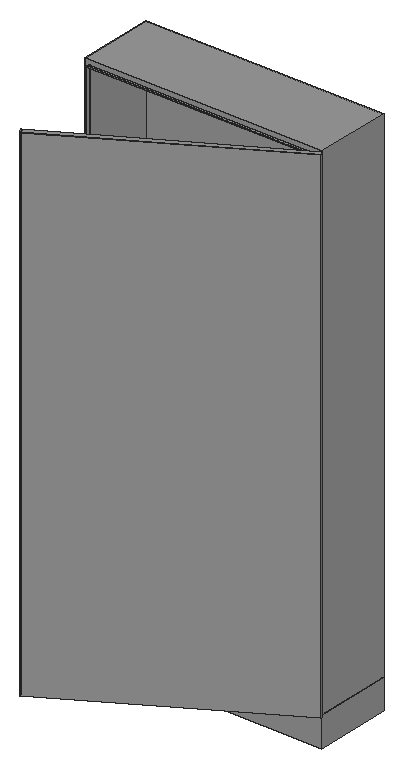
Revit family "Hager-Univers-IP55-D275-H1800-Cl.I-Steel_encl-NoHosted-SE-en", category Equipement électrique, Revit 2020
Family settings
  Configuration du panneau = Deux colonnes, circuits au sein
  Cote de connecteur circulaire = Utiliser le diamètre
  Type d'élément = Tableau de raccordement
  Basée sur le plan de construction = Oui
  Toujours verticalement = Oui
  Couper avec des vides une fois chargée = Non
  Partagée = Non
  Point de calcul de pièce = Non
Parameters (values of type "Floor installation IP55 W800 H1800 D275  - FR13E1")
  Width Control [instance] = if([EF000008 - Width] > Min Width, [EF000008 - Width], Min Width)  # 800 mm
  Commentaires du type = [HG000003 - Range]  # "Univers"
  Thickness Door [instance] = if([EF009171 - Material plate thickness door/cover] > 3 mm, 3 mm, [EF009171 - Material plate thickness door/cover])  # 1.5 mm
  Seal Frame Offset [instance] = 17 mm  # constant formula
  Plinth Visibility [instance] = [HG000027 - Plinth height] > 0 mm  # yes
  Min Width [instance] = 100 mm  # constant formula
  Min Depth [instance] = (2 * [EF009170 - Material plate thickness cabinet]) + 1 mm  # 4 mm
  Min Height [instance] = 100 mm  # constant formula
  Internal Frame Depth [instance] = (Door System Depth * 0.5)  # 9 mm
  Panel Name [instance] = ""  # (empty or 0)
  Model = ""
  HG000027 - Plinth height = 100 mm
  HG000026 - Floor standing = yes
  HG000024 - Bottom section height = 600 mm
  HG000023 - Double section enclosure = no
  HG000016 - Door 3d visibility [instance] = yes
  HG000015 - Clearance visibility [instance] = no
  HG000014 - Door on the right [instance] = yes
  HG000013 - Door on the left [instance] = not([HG000014 - Door on the right])  # no
  HG000012 - Door swing angle [instance] = 30.00°
  HG000010 - Asymmetric doors = no
  HG000009 - Double swing door = no
  HG000006 - Flush mounted = no
  HG000004 - Manufacturer reference = "FR13E1"
  HG000003 - Range = "Univers"
  HG000002 - With door or cover = yes
  Frame Offset Bottom [instance] = 10 mm  # constant formula
  Frame Offset [instance] = 15 mm  # constant formula
  EF015940 - Cover with overpressure release = no
  EF011959 - Degree of protection (NEMA) = ""
  EF009554 - Number of openings for flange plates = 6
  EF009212 - Cover model = "EV000116 - Closed"
  EF009171 - Material plate thickness door/cover = 1.5 mm
  EF009170 - Material plate thickness cabinet = 1.5 mm
  EF008873 - Nominal current (In) = 800 A
  EF007800 - Suitable for lightning protection = no
  EF006306 - With lock = no
  EF006244 - Transparent cover/door = no
  EF005474 - Degree of protection (IP) = "EV006420 - IP55"
  EF004464 - Type of door = "EV002646 - Single"
  EF004427 - Number of modules = 396
  EF004293 - Impact strength = "EV008784 - IK10"
  EF003532 - Suitable for outdoor use = no
  EF002950 - Width in number of modular spacings = 24
  EF001613 - Circuit integrity = "EV000494 - None"
  EF001596 - Material housing = "EV000179 - Steel"
  EF001131 - Internal depth = 275 mm
  EF001088 - Extension possible = yes
  EF000437 - Number of conduit inlets = 6
  EF000339 - Type of cover = "EV004216 - Door"
  EF000266 - Number of rows = 11
  EF000218 - Built-in depth = 0 mm
  EF000118 - With mounting plate = no
  EF000116 - RAL-number = "7035"
  EF000049 - Depth = 275 mm
  EF000040 - Height = 1800 mm
  EF000008 - Width = 800 mm
  EF000007 - Colour = "EV000270 - Grey"
  EF000003 - Mounting method = "EV012274 - Floor installation"
  Door System Leaf Tolerance [instance] = 1.5 mm  # constant formula
  Door System Depth [instance] = 18 mm  # constant formula
  Door Height [instance] = Height Control - [HG000027 - Plinth height]  # 1700 mm
  Description = ""
  Default Elevation = 1219.2 mm
  Connector Offset [instance] = Height Control / 2  # 900 mm
  Fabricant = "Hager"  # constant formula
  Height Control [instance] = if([EF000040 - Height] > Min Height, [EF000040 - Height], Min Height)  # 1800 mm
  Depth Control [instance] = if([EF000049 - Depth] > Min Depth, [EF000049 - Depth], Min Depth)  # 275 mm
  Bottom Top Plate Trim [instance] = 1.5 mm  # constant formula
  Plinth height Ctrl [instance] = if([HG000027 - Plinth height] > 0 mm, [HG000027 - Plinth height], 12 mm)  # 100 mm
Types (5, lengths in mm): name | Width Control | HG000010 - Asymmetric doors | HG000009 - Double swing door | HG000004 - Manufacturer reference | EF009554 - Number of openings for flange plates | EF004464 - Type of door | EF004427 - Number of modules | EF000437 - Number of conduit inlets | EF000008 - Width
  Floor installation IP55 W1050 H1800 D275  - FR14E1 | 1050 | yes | yes | "FR14E1" | 8 | "EV003602 - Double" | 528 | 8 | 1050
  Floor installation IP55 W1300 H1800 D275  - FR15E1 | 1300 | yes | yes | "FR15E1" | 10 | "EV003602 - Double" | 660 | 10 | 1300
  Floor installation IP55 W300 H1800 D275  - FR11E1 | 300 | no | no | "FR11E1" | 2 | "EV002646 - Single" | 132 | 2 | 300
  Floor installation IP55 W550 H1800 D275  - FR12E1 | 550 | no | no | "FR12E1" | 4 | "EV002646 - Single" | 264 | 4 | 550
  Floor installation IP55 W800 H1800 D275  - FR13E1 | 800 | no | no | "FR13E1" | 6 | "EV002646 - Single" | 396 | 6 | 800
Reference planes
  plane 1 "Center (Front/Back)": y = 0
  plane 2: z = 0
  plane 3 "Center (Left/Right)": x = 0
  plane 4: y = 0
  plane 5: y = 0
  plane 6: z = 0
  plane 7: x = -400
  plane 8: x = 400
  plane 9: x = 398.5
  plane 10: x = -398.5
  plane 11: z = 100
  plane 12: z = 101.5
  plane 13: y = -275
  plane 14: y = -1.5
  plane 15: x = 0
  plane 16: y = -257
  plane 17: y = -273.5
  plane 18: y = -255.5
  plane 19: x = -383.5
  plane 20: x = 383.5
  plane 21: z = 111.5
  plane 22: x = -383
  plane 23: x = 383
  plane 24: z = 100
  plane 25: z = 1800
  plane 26: z = 1800
  plane 27: z = 1783.5
  plane 28: z = 1798.5
Forms (mm)
  Extrusion 1, solid, material "Hager_Steel_RAL7035_Light_Grey", detail levels medium+fine
    sketch origin (-208.679, -4572, 100) x (-1, 0, 0) y (0, -1, 0)
      loop
        line (191.321, -4315) -> (-608.679, -4315) -> (-608.679, -4572) -> (191.321, -4572) -> (191.321, -4315)
    from 0 to 1700
  Extrusion 2, void
    sketch origin (-350.771, -275, 1219.2) x (1, 0, 0) y (0, 0, 1)
      loop
        line (-47.729, 579.3) -> (-47.729, -1117.7) -> (749.271, -1117.7) -> (749.271, 579.3) -> (-47.729, 579.3)
    from -19.5 to -273.5
  Extrusion 3, void
    sketch origin (-290.084, -257, 1219.2) x (1, 0, 0) y (0, 0, 1)
      loop
        line (-93.416, -1107.7) -> (673.584, -1107.7) -> (673.584, 564.3) -> (-93.416, 564.3) -> (-93.416, -1107.7)
    from 0 to -1.5
  Extrusion 4, solid, material "Hager_Steel_RAL7035_Light_Grey", visible <- "Plinth Visibility", detail levels medium+fine
    sketch origin (0, 0, 0) x (1, 0, 0) y (0, 1, 0)
      loop
        line (-400, 0) -> (-400, -257) -> (400, -257) -> (400, 0) -> (-400, 0)
    from 0 to 100 <- "Plinth height Ctrl"
  Extrusion 5, solid, material "Hager_Steel_RAL7035_Light_Grey", detail levels coarse
    sketch origin (0, 0, 0) x (1, 0, 0) y (0, 1, 0)
      loop
        line (-400, 0) -> (-400, -275) -> (400, -275) -> (400, 0) -> (-400, 0)
    from 0 to 1800 <- "Height Control"
  Sweep 6, void
    path in 3D
      loop
        line (-400, -257, 100) -> (400, -257, 100) -> (400, 0, 100) -> (-400, 0, 100) -> (-400, -257, 100)
    profile origin (-400, -128.5, 100) x (1, 0, 0) y (0, 0, 1)
      loop
        line (0, 0) -> (0, -1.5) -> (1.5, -1.5)
        arc (1.5, -1.5) -> (1.061, -0.439) -> (0, 0) r 1.5
  Extrusion 7, solid, material "Hager_Steel_RAL7035_Light_Grey", detail levels fine
    sketch origin (-400, -257, 100) x (1, 0, 0) y (0, 0, 1)
      loop
        line (16.5, 11.5) -> (783.5, 11.5) -> (783.5, 1683.5) -> (16.5, 1683.5) -> (16.5, 11.5)
      loop
        line (15, 10) -> (785, 10) -> (785, 1685) -> (15, 1685) -> (15, 10)
    from 0 to 9 <- "Internal Frame Depth"
Cuts and joins
  Extrusion 2, Extrusion 3 cuts Extrusion 1
  Sweep 6 cuts Extrusion 4
Lines and regions (mm)
  Masking region 1
    outline origin (0, 0, 0) x (1, 0, 0) y (0, 1, 0)
      loop
        line (-400, 0) -> (-400, -275) -> (400, -275) -> (400, 0) -> (-400, 0)
  Masking region 2, detail levels coarse
    outline origin (-290.084, -257, 1219.2) x (-1, 0, 0) y (0, 0, 1)
      loop
        line (-690.084, -1219.2) -> (109.916, -1219.2) -> (109.916, 580.8) -> (-690.084, 580.8) -> (-690.084, -1219.2)
  Masking region 3, detail levels coarse
    outline origin (0, 0, 0) x (0, 1, 0) y (0, 0, 1)
      loop
        line (0, 0) -> (0, 1800) -> (-275, 1800) -> (-275, 0) -> (0, 0)
  Masking region 4, visible <- "Plinth Visibility", detail levels medium+fine
    outline origin (0, 0, 0) x (0, 1, 0) y (0, 0, 1)
      loop
        line (-1.5, 100) -> (-255.5, 100)
        arc (-255.5, 100) -> (-255.939, 98.939) -> (-257, 98.5) r 1.5
        line (-257, 98.5) -> (-257, 0) -> (0, 0) -> (0, 98.5)
        arc (0, 98.5) -> (-1.061, 98.939) -> (-1.5, 100) r 1.5
  Masking region 5, detail levels medium+fine
    outline origin (0, 0, 594.038) x (0, 1, 0) y (0, 0, 1)
      loop
        line (0, -494.038) -> (0, 1205.962) -> (-257, 1205.962) -> (-257, -494.038) -> (0, -494.038)
  Masking region 6, detail levels medium+fine
    outline origin (-359.7, -257, 1211.883) x (-1, 0, 0) y (0, 0, 1)
      loop
        line (-759.7, -1111.883) -> (40.3, -1111.883) -> (40.3, 588.117) -> (-759.7, 588.117) -> (-759.7, -1111.883)
  Masking region 7, visible <- "Plinth Visibility", detail levels medium+fine
    outline origin (-320.334, -257, 1041.368) x (-1, 0, 0) y (0, 0, 1)
      loop
        line (-720.334, -1041.368) -> (79.666, -1041.368) -> (79.666, -942.868)
        arc (79.666, -942.868) -> (78.606, -942.429) -> (78.166, -941.368) r 1.5
        line (78.166, -941.368) -> (-718.834, -941.368)
        arc (-718.834, -941.368) -> (-719.273, -942.429) -> (-720.334, -942.868) r 1.5
        line (-720.334, -942.868) -> (-720.334, -1041.368)
  sketch lines
    curve 1: line (-400, 0, 100) -> (-400, -257, 100)
    curve 2: line (-400, -257, 100) -> (400, -257, 100)
    curve 3: line (400, 0, 100) -> (-400, 0, 100)
    curve 4: line (400, -257, 100) -> (400, 0, 100)
Dimensions and locks
  locked: plane 1 "Center (Front/Back)" to plane 5
  "EF009170 - Material plate thickness cabinet": plane 7 to plane 10
  "EF009170 - Material plate thickness cabinet": plane 8 to plane 9
  equal spacing: plane 7, plane 3 "Center (Left/Right)", plane 8
  "Width Control": plane 7 to plane 8
  "Depth Control": plane 4 to plane 13
  "EF009170 - Material plate thickness cabinet": plane 4 to plane 14
  "Height Control": plane 25 to level
  "HG000027 - Plinth height": plane 11 to level
  "EF009170 - Material plate thickness cabinet": plane 12 to plane 11
  "EF009170 - Material plate thickness cabinet": plane 17 to plane 13
  "EF009170 - Material plate thickness cabinet": plane 18 to plane 16
  "Frame Offset Bottom": plane 21 to plane 12
  "Frame Offset": plane 10 to plane 19
  "Frame Offset": plane 9 to plane 20
  "Door System Depth": plane 16 to plane 13
  "Seal Frame Offset": plane 7 to plane 22
  "Seal Frame Offset": plane 8 to plane 23
  "EF009170 - Material plate thickness cabinet": plane 26 to plane 28
  "Frame Offset": plane 28 to plane 27
  "Connector Offset": plane 2 to connector elem
  "Bottom Top Plate Trim": profile plane to Sweep 6 sketch curve
  "Bottom Top Plate Trim": Sweep 6 sketch curve to Sweep 6 sketch curve
  "Plinth height Ctrl": Masking region 4 sketch curve to level
  "Plinth height Ctrl": Masking region 7 sketch curve to level
  "Thickness Door": Extrusion 7 sketch curve to Extrusion 7 sketch curve  (x4)
  "Bottom Top Plate Trim": radius of Sweep 6 sketch curve
  "Bottom Top Plate Trim": radius of Masking region 4 sketch curve  (x2)
  "Bottom Top Plate Trim": radius of Masking region 7 sketch curve  (x2)
  aligned and locked: Extrusion 2 sketch curve to plane 12
  aligned and locked: Extrusion 2 sketch curve to plane 9
  aligned and locked: Extrusion 2 sketch curve to plane 10
  aligned and locked: Extrusion 2 to plane 14
  aligned and locked: Extrusion 1 sketch curve to plane 4
  aligned and locked: plane 8 to Extrusion 1 sketch curve
  aligned and locked: plane 7 to Extrusion 1 sketch curve
  aligned and locked: Extrusion 2 to plane 18
  aligned and locked: Extrusion 3 sketch curve to plane 19
  aligned and locked: plane 20 to Extrusion 3 sketch curve
  aligned and locked: Extrusion 3 to Extrusion 2
  aligned and locked: Extrusion 3 sketch curve to plane 21
  aligned and locked: plane 3 "Center (Left/Right)" to nested 1
  aligned and locked: Extrusion 1 sketch curve to plane 16
  aligned and locked: Extrusion 4 sketch curve to cut or joined group of Extrusion 1, Extrusion 2, Extrusion 3
  aligned and locked: Masking region 1 sketch curve to plane 7
  aligned and locked: Masking region 1 sketch curve to plane 5
  aligned and locked: Masking region 1 sketch curve to plane 8
  aligned and locked: Masking region 2 sketch curve to level
  aligned and locked: level to Masking region 3 sketch curve
  aligned and locked: plane 1 "Center (Front/Back)" to Masking region 3 sketch curve
  aligned and locked: plane 13 to Masking region 3 sketch curve
  aligned and locked: plane 5 to Masking region 4 sketch curve
  aligned and locked: Masking region 2 sketch curve to plane 8
  aligned and locked: Masking region 2 sketch curve to plane 7
  aligned and locked: plane 7 to nested 2
  aligned and locked: nested 2 to plane 5
  aligned and locked: plane 5 to Masking region 5 sketch curve
  aligned and locked: plane 26 to Masking region 5 sketch curve
  aligned and locked: Extrusion 5 sketch curve to plane 8
  aligned and locked: Extrusion 5 sketch curve to plane 7
  aligned and locked: Extrusion 5 sketch curve to plane 5
  aligned and locked: Extrusion 3 sketch curve to plane 27
  aligned and locked: Extrusion 2 sketch curve to plane 28
  aligned and locked: Masking region 2 to plane 25
  aligned and locked: Extrusion 4 to plane 16
  aligned and locked: profile plane to Sweep 6 sketch curve
  aligned and locked: Masking region 5 sketch curve to plane 24
  aligned and locked: level to Masking region 4 sketch curve
  aligned and locked: Masking region 1 to plane 13
  aligned and locked: nested 1 to plane 16
  aligned and locked: Masking region 3 to plane 25
  aligned and locked: plane 16 to Masking region 4 sketch curve
  aligned and locked: Masking region 5 sketch curve to plane 16
  aligned and locked: plane 24 to plane 11
  aligned and locked: plane 26 to plane 25
  aligned and locked: plane 26 to cut or joined group of Extrusion 1, Extrusion 2, Extrusion 3
  aligned and locked: nested 1 to plane 24
  aligned and locked: Extrusion 1 to Extrusion 3
  aligned and locked: Masking region 6 sketch curve to plane 8
  aligned and locked: Masking region 6 sketch curve to plane 24
  aligned and locked: Masking region 6 sketch curve to plane 7
  aligned and locked: Masking region 6 sketch curve to plane 26
  aligned and locked: Masking region 7 sketch curve to plane 7
  aligned and locked: level to Masking region 7 sketch curve
  aligned and locked: Masking region 7 sketch curve to plane 8
  aligned and locked: Extrusion 7 sketch curve to cut or joined group of Extrusion 1, Extrusion 2, Extrusion 3  (x4)
Automatic sketch dimensions
  plane 19 to Extrusion 3 sketch curve = 0 mm
  Extrusion 3 sketch curve to plane 20 = 0 mm
  Extrusion 3 sketch curve to plane 21 = 0 mm
  Extrusion 4 sketch curve to plane 7 = 0 mm
  Extrusion 4 sketch curve to plane 8 = 0 mm
  Extrusion 4 sketch curve to plane 16 = 0 mm
  Masking region 1 sketch curve to plane 13 = 0 mm
  Masking region 2 sketch curve to plane 25 = 0 mm
  Masking region 3 sketch curve to plane 25 = 0 mm
  Extrusion 5 sketch curve to plane 13 = 0 mm
  profile plane to Sweep 6 sketch curve = 0 mm
Nested families
  nested 1: "EC000058_Univers_Door" at (0, -257, 100), Double <- "HG000009 - Double swing door", Transparent <- "EF006244 - Transparent cover/door", Angle <- "HG000012 - Door swing angle", Door_Right <- "HG000014 - Door on the right", Assymetrical <- "HG000010 - Asymmetric doors", Door <- "HG000002 - With door or cover", Width_Ctrl <- "Width Control", 3d_Door <- "HG000016 - Door 3d visibility", Clearance <- "HG000015 - Clearance visibility", Door_Left <- "HG000013 - Door on the left", Width <- "Width Control", Door_Depth <- "Door System Depth", Leaf_Tolerance <- "Door System Leaf Tolerance", Height <- "Door Height", Lock_Visibility <- "EF006306 - With lock", Thickness <- "Thickness Door", type "EC000058_Univers_Door", detail levels medium+fine
    with min_wh 4 mm, Width_Ctrl 800 mm, Width 800 mm, Transparent no, Thickness 1.5 mm, Seal_Material Hager_Rubber, Lock_Visibility no, Lock_Material Hager_Plastic_RAL9005_Jet_Black, Leaf_Width 800 mm, Leaf_Tolerance_External_Sides 0 mm, Leaf_Tolerance 1.5 mm, Leaf_Offset 0 mm, Leaf_Height 1697 mm, Leaf_2_Width 800 mm, Leaf_2_Offset 400 mm, Leaf_1_Width 800 mm, Leaf_1_Offset 400 mm, Height_Ctrl 1700 mm, Height 1700 mm, Glass_Material Hager_Glass, Double_Clearance_Ctrl no, Double no, Door_Right_Ctrl yes, Door_Right yes, Door_Material Hager_Steel_RAL7035_Light_Grey, Door_Left_Ctrl no, Door_Left no, Door_Depth 18 mm, Door yes, Clearance_Material Hager_Clearance, Clearance_Depth 800 mm, Clearance_Ctrl no, Clearance no, Assymetrical no, Angle 30.00°, 3d_Door yes
  nested 2: "Hager_Enclosure_Symbol" at (-400, 0, 0), Height <- "Depth Control", Width <- "Width Control", type "Hager_Enclosure_Symbol"
    with Width_Ctrl 800 mm, Width 800 mm, Height_Ctrl 275 mm, Height 275 mm, A_Width_Int 18.047 mm, A_Width 216.562 mm, A_Height_Ctrl 240.625 mm, A_Height 240.625 mm
Connectors
  electrical at (0, 0, 900)
    settings: on plane 1 "Center (Front/Back)", index 1, voltage 0 V, apparent load 0 VA, apparent load phase1 0 VA, apparent load phase2 0 VA, apparent load phase3 0 VA, power factor 1, load classification "Other", number of poles 1, system type 30, power factor state 1, is connector primary yes, connector utility no, sub classification motor no, connector description ""
Definition of nested family "EC000058_Univers_Door"
  Parameters (values of type "EC000058_Univers_Door")
    min_wh [instance] = (2 * Thickness) + 1 mm  # 11 mm
    Width_Ctrl [instance] = 400 mm
    Width [instance] = 500 mm
    Transparent [instance] = yes
    Thickness [instance] = 5 mm
    Seal_Material [instance] = none
    Lock_Visibility [instance] = yes
    Lock_Material [instance] = none
    Leaf_Width [instance] = if((Width_Ctrl - 2 * Leaf_Tolerance_External_Sides) > 0 mm, (Width_Ctrl - 2 * Leaf_Tolerance_External_Sides), min_wh)  # 400 mm
    Leaf_Tolerance_External_Sides [instance] = 0 mm  # constant formula
    Leaf_Tolerance [instance] = 1.5 mm
    Leaf_Offset [instance] = 0 mm  # constant formula
    Leaf_Height [instance] = if((Height_Ctrl - 2 * Leaf_Tolerance) > 0 mm, (Height_Ctrl - 2 * Leaf_Tolerance), min_wh)  # 497 mm
    Leaf_2_Width [instance] = if(and(and(Double, Assymetrical), Door_Left), (Leaf_Width / 3) - (Leaf_Tolerance / 2), if(and(and(Double, Assymetrical), Door_Right), (Leaf_Width / 3) * 2 - (Leaf_Tolerance / 2), if(and(Double, not(Assymetrical)), (Leaf_Width / 2) - Leaf_Tolerance, Leaf_Width)))  # 400 mm
    Leaf_2_Offset [instance] = if(and(Double, Assymetrical), Leaf_2_Width / 2, if(and(Double, not(Assymetrical)), Leaf_Width / 4, Leaf_Width / 2))  # 200 mm
    Leaf_1_Width [instance] = if(and(and(Double, Assymetrical), Door_Right), (Leaf_Width / 3) - (Leaf_Tolerance / 2), if(and(and(Double, Assymetrical), Door_Left), (Width / 3) * 2 - (Leaf_Tolerance / 2), if(and(Double, not(Assymetrical)), (Leaf_Width / 2) - Leaf_Tolerance, Leaf_Width)))  # 400 mm
    Leaf_1_Offset [instance] = if(and(Double, Assymetrical), Leaf_1_Width / 2, if(and(Double, not(Assymetrical)), Leaf_Width / 4, Leaf_Width / 2))  # 200 mm
    Height_Ctrl [instance] = if(Height > min_wh, Height, min_wh)  # 500 mm
    Height [instance] = 500 mm
    Glass_Material [instance] = none
    Double_Clearance_Ctrl [instance] = and(Double, Clearance)  # no
    Double [instance] = no
    Door_Right_Ctrl [instance] = and(or(Door_Right, Double), Door)  # yes
    Door_Right [instance] = yes
    Door_Material [instance] = none
    Door_Left_Ctrl [instance] = and(or(Door_Left, Double), Door)  # no
    Door_Left [instance] = no
    Door_Depth [instance] = 30 mm
    Door [instance] = yes
    Default Elevation = 1219.2 mm
    Clearance_Material [instance] = none
    Clearance_Depth [instance] = if(Leaf_1_Width > Leaf_2_Width, Leaf_1_Width, Leaf_2_Width)  # 400 mm
    Clearance_Ctrl [instance] = and(not(Double), Clearance)  # yes
    Clearance [instance] = yes
    Assymetrical [instance] = yes
    Angle [instance] = 30.00°
    3d_Door [instance] = yes
  Reference planes
    plane 1 "Center (Front/Back)": y = 0
    plane 2 "Bottom": z = 0
    plane 3 "Center (Left/Right)": x = 0
    plane 4: z = 500
    plane 5: x = -200
    plane 6: x = 200
    plane 7: z = 500
    plane 8: x = -200
    plane 9: z = 0
    plane 10: x = 200
    plane 11: y = 0
    plane 12: z = 1.5
    plane 13: x = -600
    plane 14: y = -400
    plane 15: x = 600
    plane 16: x = 0
    plane 17: x = 0
    plane 18: x = -200
    plane 19: x = 200
    plane 20: z = 498.5
  Forms (mm)
    Extrusion 1, solid, material <- "Clearance_Material", visible <- "Double_Clearance_Ctrl"
      sketch origin (1200, 0, 0) x (1, 0, 0) y (0, 0, -1)
        loop
          line (-1800, -498.5) -> (-600, -498.5) -> (-600, 0) -> (-1800, 0) -> (-1800, -498.5)
      from 0 to -400
  Dimensions and locks
    equal spacing: plane 5, plane 3 "Center (Left/Right)", plane 6
    "Width_Ctrl": plane 5 to plane 6
    "Leaf_Offset": plane 5 to plane 8
    "Leaf_Offset": plane 6 to plane 10
    "Leaf_Offset": plane 9 to level
    "Leaf_Offset": plane 4 to plane 7
    "Height_Ctrl": plane 4 to level
    "Leaf_Tolerance": plane 12 to plane 9
    locked: plane 11 to plane 1 "Center (Front/Back)"
    "Leaf_1_Offset": plane 18 to plane 16
    "Leaf_2_Offset": plane 17 to plane 19
    "Leaf_1_Width": plane 13 to plane 8
    "Leaf_2_Width": plane 10 to plane 15
    "Clearance_Depth": plane 14 to plane 1 "Center (Front/Back)"
    "Leaf_Tolerance_External_Sides": plane 8 to plane 18
    "Leaf_Tolerance_External_Sides": plane 19 to plane 10
    "Leaf_Tolerance": plane 7 to plane 20
    aligned and locked: level to plane 2 "Bottom"
    aligned and locked: nested 1 to plane 16
    aligned and locked: nested 2 to plane 17
    aligned and locked: Extrusion 1 to plane 13
    aligned and locked: plane 15 to Extrusion 1
    aligned and locked: Extrusion 1 to plane 14
    aligned and locked: plane 12 to nested 1
    aligned and locked: nested 2 to plane 12
    aligned and locked: Extrusion 1 to plane 11
    aligned and locked: plane 20 to Extrusion 1
    aligned and locked: nested 2 to plane 11
    aligned and locked: nested 1 to plane 11
  Automatic sketch dimensions
    Extrusion 1 sketch curve to level = 0 mm
    plane 5 to Extrusion 1 sketch curve = 400 mm
    plane 6 to Extrusion 1 sketch curve = 400 mm
    Extrusion 1 sketch curve to plane 4 = 1.5 mm
  Nested families
    nested 1: "EC000058_Univers_Door_Leaf" at (0, 0, 1.5), Width <- "Leaf_1_Width", visible <- "Door_Left_Ctrl", Leaf_Height <- "Leaf_Height", Angle <- "Angle", 3d_Door <- "3d_Door", Transparent <- "Transparent", Clearance Material <- "Clearance_Material", Clearance <- "Clearance_Ctrl", Door_Material <- "Door_Material", Glass_Material <- "Glass_Material", Door_Depth <- "Door_Depth", Lock_Material <- "Lock_Material", Seal_Material <- "Seal_Material", Lock_Visibility <- "Lock_Visibility", Thickness <- "Thickness", type "EC000058_Univers_Door_Leaf"
      with Width 400 mm, Transparent_Glass_Offset 30 mm, Transparent_Ctrl yes, Transparent yes, Thickness 5 mm, Standard no, Seal_Material none, Seal_D2 8 mm, Seal_D1 1 mm, Offset_Internal_Frame 10 mm, Lock_Width 20 mm, Lock_Visibility_3d yes, Lock_Visibility yes, Lock_Thickness_3 3 mm, Lock_Thickness_2 1 mm, Lock_Thickness_1 3 mm, Lock_Radius_Offset_2 16 mm, Lock_Radius_Offset_1 15 mm, Lock_Radius_2 5 mm, Lock_Radius 6 mm, Lock_Offset 5 mm, Lock_Material none, Lock_Height 80 mm, Lock_Cover_Top_Offset_2d 17 mm, Lock_Cover_Height -65 mm, Leaf_Height 497 mm, Internal_Seal_Thickness 8 mm, Internal_Seal_Depth_2 4.5 mm, Internal_Frame_Depth 25 mm, Glass_Thickness -1 mm, Glass_Offset -2 mm, Glass_Material none, Door_Material none, Door_Depth 30 mm, Clearance Material none, Clearance yes, Angle_Ctrl 30.00°, Angle 30.00°, 3d_Door yes
    nested 2: "EC000058_Univers_Door_Leaf" at (0, 0, 1.5) x (-1, 0, 0) z (0, 0, 1), Width <- "Leaf_2_Width", visible <- "Door_Right_Ctrl", Leaf_Height <- "Leaf_Height", Angle <- "Angle", 3d_Door <- "3d_Door", Transparent <- "Transparent", Clearance Material <- "Clearance_Material", Clearance <- "Clearance_Ctrl", Door_Material <- "Door_Material", Glass_Material <- "Glass_Material", Door_Depth <- "Door_Depth", Lock_Material <- "Lock_Material", Seal_Material <- "Seal_Material", Lock_Visibility <- "Lock_Visibility", Thickness <- "Thickness", type "EC000058_Univers_Door_Leaf"
      with Width 400 mm, Transparent_Glass_Offset 30 mm, Transparent_Ctrl yes, Transparent yes, Thickness 5 mm, Standard no, Seal_Material none, Seal_D2 8 mm, Seal_D1 1 mm, Offset_Internal_Frame 10 mm, Lock_Width 20 mm, Lock_Visibility_3d yes, Lock_Visibility yes, Lock_Thickness_3 3 mm, Lock_Thickness_2 1 mm, Lock_Thickness_1 3 mm, Lock_Radius_Offset_2 16 mm, Lock_Radius_Offset_1 15 mm, Lock_Radius_2 5 mm, Lock_Radius 6 mm, Lock_Offset 5 mm, Lock_Material none, Lock_Height 80 mm, Lock_Cover_Top_Offset_2d 17 mm, Lock_Cover_Height -65 mm, Leaf_Height 497 mm, Internal_Seal_Thickness 8 mm, Internal_Seal_Depth_2 4.5 mm, Internal_Frame_Depth 25 mm, Glass_Thickness -1 mm, Glass_Offset -2 mm, Glass_Material none, Door_Material none, Door_Depth 30 mm, Clearance Material none, Clearance yes, Angle_Ctrl 30.00°, Angle 30.00°, 3d_Door yes
  Definition of nested family "EC000058_Univers_Door_Leaf"
    Parameters (values of type "EC000058_Univers_Door_Leaf")
      Width [instance] = 2000 mm
      Transparent_Glass_Offset [instance] = 30 mm
      Transparent_Ctrl [instance] = and(Transparent, [3d_Door])  # yes
      Transparent [instance] = yes
      Thickness [instance] = 5 mm
      Standard [instance] = and(not(Transparent), [3d_Door])  # no
      Seal_Material [instance] = none
      Seal_D2 [instance] = 8 mm  # constant formula
      Seal_D1 [instance] = 1 mm  # constant formula
      Offset_Internal_Frame [instance] = 10 mm  # constant formula
      Lock_Width [instance] = 20 mm  # constant formula
      Lock_Visibility_3d [instance] = and(Lock_Visibility, [3d_Door])  # yes
      Lock_Visibility [instance] = yes
      Lock_Thickness_3 [instance] = 3 mm  # constant formula
      Lock_Thickness_2 [instance] = 1 mm  # constant formula
      Lock_Thickness_1 [instance] = 3 mm  # constant formula
      Lock_Radius_Offset_2 [instance] = Lock_Radius_Offset_1 + 1 mm  # 16 mm
      Lock_Radius_Offset_1 [instance] = 15 mm  # constant formula
      Lock_Radius_2 [instance] = Lock_Radius - 1 mm  # 5 mm
      Lock_Radius [instance] = 6 mm  # constant formula
      Lock_Offset [instance] = 5 mm  # constant formula
      Lock_Material [instance] = none
      Lock_Height [instance] = 80 mm  # constant formula
      Lock_Cover_Top_Offset_2d [instance] = Lock_Radius_Offset_2 + 1 mm  # 17 mm
      Lock_Cover_Height [instance] = -(Lock_Height - Lock_Radius_Offset_1)  # -65 mm
      Leaf_Height [instance] = 2720.336 mm
      Internal_Seal_Thickness [instance] = 8 mm  # constant formula
      Internal_Seal_Depth_2 [instance] = 4.5 mm  # constant formula
      Internal_Frame_Depth [instance] = if(Door_Depth - Thickness > 5 mm, Door_Depth - Thickness, 5 mm)  # 25 mm
      Glass_Thickness [instance] = if(Thickness > 15 mm, Glass_Offset + 10 mm, -1 mm)  # -1 mm
      Glass_Offset [instance] = if(Thickness > 15 mm, -(Thickness + 10 mm) / 2, -2 mm)  # -2 mm
      Glass_Material [instance] = none
      Door_Material [instance] = none
      Door_Depth [instance] = 30 mm
      Default Elevation = 0 mm
      Clearance Material [instance] = none
      Clearance [instance] = yes
      Angle_Ctrl [instance] = if(Angle > 180.00°, 180.00°, Angle)  # 90.00°
      Angle [instance] = 90.00°
      3d_Door [instance] = yes
    Reference planes
      plane 1 "Center (Front/Back)": y = 0
      plane 2: z = 0
      plane 3 "Center (Left/Right)": x = 0
      plane 4: y = 2000
      plane 5: x = -1000
      plane 6: x = 1000
      plane 7: x = -3000
      plane 8: z = 2720.336
      plane 9: z = 30
      plane 10: z = 2690.336
      plane 11: x = 970
      plane 12: x = -970
      plane 13: y = -3
      plane 14: z = 107.833
      plane 15: y = -5
      plane 16: y = -223.314
      plane 17: x = -1000
      plane 18: z = 1360.168
      plane 19: y = 30
    Forms (mm)
      Extrusion 1, solid, material <- "Clearance Material", visible <- "Clearance"
        sketch origin (0, 0, 0) x (1, 0, 0) y (0, 0, 1)
          loop
            line (-3000, 2720.336) -> (-3000, 0) -> (1000, 0) -> (1000, 2720.336) -> (-3000, 2720.336)
        from 0 to -2000
      Extrusion 2, solid, material <- "Door_Material", visible <- "Standard", detail levels medium+fine
        sketch origin (-1000, 0, 0) x (0, 1, 0) y (-1, 0, 0)
          loop
            line (0, 30) -> (0, 25) -> (2000, 25) -> (2000, 30) -> (0, 30)
        from 0 to 2720.336 <- "Leaf_Height"
      Extrusion 3, solid, material <- "Door_Material", visible <- "Transparent_Ctrl", detail levels medium+fine
        sketch origin (-1000, 0, 0) x (0, 1, 0) y (-1, 0, 0)
          loop
            line (0, 25) -> (2000, 25) -> (2000, 30) -> (0, 30) -> (0, 25)
        from 0 to 2720.336 <- "Leaf_Height"
      Extrusion 4, void
        sketch origin (-1025, 2000, 0) x (0, 1, 0) y (0, 0, -1)
          loop
            line (-30, -2690.336) -> (-30, -30) -> (-1970, -30) -> (-1970, -2690.336) -> (-30, -2690.336)
        from 0 to 5 <- "Thickness"
      Sweep 5, solid, material <- "Seal_Material", visible <- "Transparent_Ctrl", detail levels fine
        path in 3D
          loop
            line (-1025, 30, 30) -> (-1025, 30, 2690.336) -> (-1025, 1970, 2690.336) -> (-1025, 1970, 30) -> (-1025, 30, 30)
        profile origin (-1025, 1000, 30) x (1, 0, 0) y (0, 0, 1)
          loop
            line (0, 0) -> (0, -8) -> (1, -8) -> (1, 0) -> (0, 0)
      Extrusion 6, solid, material <- "Glass_Material", visible <- "Transparent_Ctrl", detail levels medium+fine
        sketch origin (-1030, 0, 0) x (0, 1, 0) y (0, 0, -1)
          loop
            line (1970, -2690.336) -> (1970, -30) -> (30, -30) -> (30, -2690.336) -> (1970, -2690.336)
        from -2 <- "Glass_Offset" to -1 <- "Glass_Thickness"
      Extrusion 7, solid, material <- "Door_Material", visible <- "3d_Door", detail levels medium+fine
        sketch origin (-1025, 2000, 0) x (0, -1, 0) y (0, 0, -1)
          loop
            line (0, -2720.336) -> (2000, -2720.336) -> (2000, 0) -> (0, 0) -> (0, -2720.336)
          loop
            line (1995, -5) -> (5, -5) -> (5, -2715.336) -> (1995, -2715.336) -> (1995, -5)
        from 0 to 25 <- "Internal_Frame_Depth"
      Sweep 8, solid, material <- "Seal_Material", visible <- "Transparent_Ctrl", detail levels fine
        path in 3D
          loop
            line (-1025, 0, 0) -> (-1025, 2000, 0) -> (-1025, 2000, 2720.336) -> (-1025, 0, 2720.336) -> (-1025, 0, 0)
        profile origin (-1025, 0, 1360.168) x (1, 0, 0) y (0, 1, 0)
          loop
            line (0, 10) -> (2.975, 10)
            arc (2.975, 10) -> (4.053, 10.447) -> (4.5, 11.525) r 1.525
            line (4.5, 11.525) -> (4.5, 16.527)
            arc (4.5, 16.527) -> (4.069, 17.569) -> (3.027, 18) r 1.473
            line (3.027, 18) -> (0, 18) -> (0, 10)
      Extrusion 9, solid, material <- "Lock_Material", visible <- "Lock_Visibility_3d", detail levels fine
        sketch origin (-1030, 0, 0) x (0, 1, 0) y (0, 0, -1)
          loop
            arc (1993.5, -1400.168) -> (1994.561, -1399.729) -> (1995, -1398.668) r 1.5
            line (1995, -1398.668) -> (1995, -1320.168) -> (1975, -1320.168) -> (1975, -1398.668)
            arc (1975, -1398.668) -> (1975.439, -1399.729) -> (1976.5, -1400.168) r 1.5
            line (1976.5, -1400.168) -> (1993.5, -1400.168)
        from 3 <- "Lock_Thickness_1" to 0
      Blend 10, solid, material <- "Lock_Material", visible <- "Lock_Visibility_3d", detail levels fine
        base sketch origin (-1033, 0, 0) x (0, 1, 0) y (0, 0, -1)
          loop
            line (1975, -1320.168) -> (1975, -1398.668)
            arc (1975, -1398.668) -> (1975.439, -1399.729) -> (1976.5, -1400.168) r 1.5
            line (1976.5, -1400.168) -> (1993.5, -1400.168)
            arc (1993.5, -1400.168) -> (1994.561, -1399.729) -> (1995, -1398.668) r 1.5
            line (1995, -1398.668) -> (1995, -1320.168) -> (1975, -1320.168)
        top sketch origin (-1033, 0, 0) x (0, 1, 0) y (0, 0, -1)
          loop
            line (1976, -1320.168) -> (1976, -1398.668)
            arc (1976, -1398.668) -> (1976.146, -1399.022) -> (1976.5, -1399.168) r 0.5
            line (1976.5, -1399.168) -> (1993.5, -1399.168)
            arc (1993.5, -1399.168) -> (1993.854, -1399.022) -> (1994, -1398.668) r 0.5
            line (1994, -1398.668) -> (1994, -1320.168) -> (1976, -1320.168)
        from 0 to 1 <- "Lock_Thickness_2"
      Blend 11, solid, material <- "Lock_Material", visible <- "Lock_Visibility_3d", detail levels fine
        base sketch origin (-1034, 0, 0) x (0, 1, 0) y (0, 0, -1)
          loop
            line (1978, -1320.168) -> (1978, -1384.168)
            arc (1978, -1384.168) -> (1985, -1391.168) -> (1992, -1384.168) r 7
            line (1992, -1384.168) -> (1992, -1320.168) -> (1978, -1320.168)
        top sketch origin (-1034, 0, 0) x (0, 1, 0) y (0, 0, -1)
          loop
            line (1991, -1320.168) -> (1979, -1320.168) -> (1979, -1383.168)
            arc (1979, -1383.168) -> (1985, -1389.168) -> (1991, -1383.168) r 6
            line (1991, -1383.168) -> (1991, -1320.168)
        from 0 to 3 <- "Lock_Thickness_3"
      Extrusion 12, solid, material <- "Lock_Material", visible <- "Lock_Visibility_3d", detail levels fine
        sketch origin (-1030, 1975, 1320.168) x (1, 0, 0) y (0, -1, 0)
          loop
            line (-7, -19) -> (-7, -1) -> (0, -1) -> (0, 0) -> (-8, 0) -> (-8, -20) -> (0, -20) -> (0, -19) -> (-7, -19)
        from 0 to -65 <- "Lock_Cover_Height"
      Extrusion 13, void
        sketch origin (-1038, 1995, 1320.168) x (-1, 0, 0) y (0, 0, -1)
          loop
            line (-5, -65) -> (0, -65) -> (-5, -60) -> (-5, -65)
        from 0 to 20 <- "Lock_Width"
      Extrusion 14, void
        sketch origin (-1038, 1975, 1320.168) x (0, -1, 0) y (0, 0, -1)
          loop
            circle (-10, -15.995) r 6
          loop
            circle (-10, -15.995) r 5
        from 0 to 2
      Extrusion 15, solid, material <- "Lock_Material", visible <- "Lock_Visibility_3d", detail levels medium
        sketch origin (-1030, 0, 0) x (0, 1, 0) y (0, 0, -1)
          loop
            arc (1993.5, -1400.168) -> (1994.561, -1399.729) -> (1995, -1398.668) r 1.5
            line (1995, -1398.668) -> (1995, -1320.168) -> (1975, -1320.168) -> (1975, -1398.668)
            arc (1975, -1398.668) -> (1975.439, -1399.729) -> (1976.5, -1400.168) r 1.5
            line (1976.5, -1400.168) -> (1993.5, -1400.168)
        from 8 to 0
    Cuts and joins
      Extrusion 4 cuts Extrusion 3
      Extrusion 13, Extrusion 14 cuts Extrusion 9
      Extrusion 14 cuts Blend 11
      Extrusion 13, Extrusion 14 cuts Extrusion 12
      joined: Extrusion 9, Blend 10, Blend 11, Extrusion 12
      Extrusion 14 cuts Extrusion 15
    Lines and regions (mm)
      Masking region 1, visible <- "Lock_Visibility", detail levels fine
        outline origin (0, 0, 0) x (0, 1, 0) y (0, 0, 1)
          loop
            line (30, 1320.168) -> (33, 1320.168) -> (33, 1400.168) -> (30, 1400.168) -> (30, 1320.168)
      Masking region 2, visible <- "Lock_Visibility", detail levels fine
        outline origin (0, 3.143, 0) x (0, 1, 0) y (0, 0, 1)
          loop
            line (29.857, 1354.168) -> (30.857, 1354.168) -> (30.857, 1366.168) -> (29.857, 1366.168) -> (29.857, 1354.168)
      Masking region 3, detail levels medium+fine
        outline origin (0, 0, 0) x (0, 1, 0) y (0, 0, 1)
          loop
            line (0, 0) -> (30, 0) -> (30, 2720.336) -> (0, 2720.336) -> (0, 0)
      Masking region 4, detail levels medium+fine
        outline origin (0, 0, 0) x (1, 0, 0) y (0, 0, 1)
          loop
            line (-1000, 2720.336) -> (-1000, 0) -> (1000, 0) -> (1000, 2720.336) -> (-1000, 2720.336)
      Masking region 5, visible <- "Lock_Visibility", detail levels fine
        outline origin (-47.116, 0, 0) x (1, 0, 0) y (0, 0, 1)
          loop
            arc (1024.616, 1399.168) -> (1023.556, 1398.729) -> (1023.116, 1397.668) r 1.5
            line (1023.116, 1397.668) -> (1023.116, 1320.168) -> (1041.116, 1320.168) -> (1041.116, 1397.668)
            arc (1041.116, 1397.668) -> (1040.677, 1398.729) -> (1039.616, 1399.168) r 1.5
            line (1039.616, 1399.168) -> (1024.616, 1399.168)
      Masking region 6, visible <- "Lock_Visibility", detail levels medium+fine
        outline origin (-25, 0, 0) x (1, 0, 0) y (0, 0, 1)
          loop
            arc (1001.5, 1400.168) -> (1000.439, 1399.729) -> (1000, 1398.668) r 1.5
            line (1000, 1398.668) -> (1000, 1320.168) -> (1020, 1320.168) -> (1020, 1398.668)
            arc (1020, 1398.668) -> (1019.561, 1399.729) -> (1018.5, 1400.168) r 1.5
            line (1018.5, 1400.168) -> (1001.5, 1400.168)
      Masking region 7, visible <- "Lock_Visibility", detail levels fine
        outline origin (-73.735, 0, 0) x (1, 0, 0) y (0, 0, 1)
          loop
            line (1051.735, 1382.168) -> (1065.735, 1382.168) -> (1065.735, 1384.168)
            arc (1065.735, 1384.168) -> (1058.735, 1391.168) -> (1051.735, 1384.168) r 7
            line (1051.735, 1384.168) -> (1051.735, 1382.168)
      Masking region 8, visible <- "Lock_Visibility", detail levels fine
        outline origin (-73.735, 0, 0) x (1, 0, 0) y (0, 0, 1)
          loop
            line (1052.735, 1382.168) -> (1064.735, 1382.168) -> (1064.735, 1383.168)
            arc (1064.735, 1383.168) -> (1058.735, 1389.168) -> (1052.735, 1383.168) r 6
            line (1052.735, 1383.168) -> (1052.735, 1382.168)
      Masking region 9, visible <- "Lock_Visibility", detail levels fine
        outline origin (-25, 0, 0) x (1, 0, 0) y (0, 0, 1)
          loop
            line (1020, 1320.168) -> (1020, 1382.168) -> (1000, 1382.168) -> (1000, 1320.168) -> (1020, 1320.168)
      Masking region 10, detail levels medium+fine
        outline origin (0, 0, 0) x (1, 0, 0) y (0, 0, 1)
          loop
            circle (985, 1335.144) r 6
      Masking region 11, detail levels fine
        outline origin (0, 0, 0) x (1, 0, 0) y (0, 0, 1)
          loop
            circle (985, 1335.144) r 5
      Masking region 12, visible <- "Lock_Visibility", detail levels fine
        outline origin (0, 12.767, 0) x (0, 1, 0) y (0, 0, 1)
          loop
            line (20.233, 1320.168) -> (21.233, 1320.168) -> (21.233, 1399.168) -> (20.233, 1400.168) -> (20.233, 1320.168)
      Masking region 13, visible <- "Lock_Visibility", detail levels fine
        outline origin (0, 13.767, -10) x (0, 1, 0) y (0, 0, 1)
          loop
            line (20.233, 1330.168) -> (23.233, 1330.168) -> (23.233, 1399.168) -> (20.233, 1402.168) -> (20.233, 1330.168)
      Masking region 14, visible <- "Lock_Visibility", detail levels fine
        outline origin (0, 12.767, -10) x (0, 1, 0) y (0, 0, 1)
          loop
            line (20.233, 1330.168) -> (25.233, 1330.168) -> (25.233, 1399.305) -> (20.233, 1394.305) -> (20.233, 1330.168)
      Masking region 15, visible <- "Lock_Visibility", detail levels medium
        outline origin (0, 0, 0) x (0, 1, 0) y (0, 0, 1)
          loop
            line (30, 1320.168) -> (38, 1320.168) -> (38, 1400.168) -> (30, 1400.168) -> (30, 1320.168)
      Masking region 16, visible <- "Lock_Visibility", detail levels fine
        outline origin (-1000, 0, 0) x (0, 1, 0) y (-1, 0, 0)
          loop
            line (1975, 30) -> (1995, 30) -> (1995, 38) -> (1975, 38) -> (1975, 30)
          loop
            line (1979, 37) -> (1976, 37) -> (1976, 34) -> (1978, 34) -> (1979, 37)
          loop
            line (1994, 37) -> (1991, 37) -> (1992, 34) -> (1994, 34) -> (1994, 37)
      Masking region 17, visible <- "Lock_Visibility", detail levels medium
        outline origin (-1000, 0, 0) x (0, 1, 0) y (-1, 0, 0)
          loop
            line (1975, 30) -> (1995, 30) -> (1995, 38) -> (1975, 38) -> (1975, 30)
      symbolic lines
        curve 1: line (1000, 0, 0) -> (-3000, 0, 0)
        curve 2: arc (1000, 0, 0) -> (-1000, 2000, 0) -> (-3000, 0, 0) r 2000
        curve 4: line (-1030, 0, 0) -> (-1030, 2000, 0)
      reference lines
        curve 3: line (-1000, 0, 0) -> (-1000, 2000, 0)
      symbolic lines, detail levels medium+fine
        curve 5: line (-1030, 2000, 0) -> (-1025, 2000, 0)
        curve 7: line (-1025, 0, 0) -> (-1030, 0, 0)
        curve 8: line (-1025, 0, 0) -> (-1000, 0, 0)
        curve 9: line (-1000, 0, 0) -> (-1000, 2000, 0)
        curve 10: line (-1000, 2000, 0) -> (-1025, 2000, 0)
      symbolic lines, detail levels fine
        curve 6: line (-1025, 2000, 0) -> (-1025, 0, 0)
      sketch lines
        curve 11: line (-1025, 0, 2720.336) -> (-1025, 0, 0)
        curve 12: line (-1025, 2000, 0) -> (-1025, 0, 0)
        curve 13: line (-1025, 2000, 2720.336) -> (-1025, 2000, 0)
        curve 14: line (-1025, 0, 2720.336) -> (-1025, 2000, 2720.336)
        curve 15: line (-1025, 1970, 30) -> (-1025, 30, 30)
        curve 16: line (-1025, 30, 30) -> (-1025, 30, 2690.336)
        curve 17: line (-1025, 1970, 2690.336) -> (-1025, 1970, 30)
        curve 18: line (-1025, 30, 2690.336) -> (-1025, 1970, 2690.336)
      symbolic lines, visible <- "Transparent", detail levels medium+fine
        curve 19: line (-970, 0, 2690.336) -> (970, 0, 2690.336)
        curve 20: line (-970, 0, 30) -> (-970, 0, 2690.336)
        curve 21: line (970, 0, 30) -> (-970, 0, 30)
        curve 22: line (970, 0, 2690.336) -> (970, 0, 30)
    Dimensions and locks
      "Width": plane 1 "Center (Front/Back)" to plane 4
      equal spacing: plane 5, plane 3 "Center (Left/Right)", plane 6
      "Width": plane 5 to plane 6
      "Width": plane 7 to plane 5
      "Leaf_Height": plane 8 to level
      "Width": curve 5 to curve 3
      "Width": curve 3 to curve 3
      plane 8 to plane 10 = 30 mm
      plane 9 to level = 30 mm
      plane 12 to plane 5 = 30 mm
      plane 6 to plane 11 = 30 mm
      Extrusion 1 to Extrusion 4 sketch curve = 30 mm
      "Transparent_Glass_Offset": curve 3 to Extrusion 4 sketch curve
      "Transparent_Glass_Offset": Extrusion 4 sketch curve to cut or joined group of Extrusion 3, Extrusion 4  (x2)
      cut or joined group of Extrusion 3, Extrusion 4 to Extrusion 6 sketch curve = 30 mm
      "Transparent_Glass_Offset": cut or joined group of Extrusion 3, Extrusion 4 to Extrusion 4 sketch curve
      "Thickness": curve 6 to curve 4
      "Thickness": Extrusion 7 sketch curve to Extrusion 7 sketch curve  (x4)
      "Door_Depth": curve 4 to curve 3
      "Offset_Internal_Frame": profile plane to Sweep 8 sketch curve
      "Internal_Seal_Thickness": Sweep 8 sketch curve to Sweep 8 sketch curve
      "Internal_Seal_Depth_2": profile plane to Sweep 8 sketch curve
      "Seal_D1": profile plane to Sweep 5 sketch curve
      "Seal_D2": profile plane to Sweep 5 sketch curve
      "Thickness": Extrusion 2 sketch curve to Extrusion 2 sketch curve
      equal spacing: Extrusion 9 sketch curve, plane 18, Extrusion 9 sketch curve  (x2)
      equal spacing: Masking region 1 sketch curve, plane 18, Masking region 1 sketch curve
      "Lock_Height": Masking region 1 sketch curve to Masking region 1 sketch curve
      "Lock_Radius": Masking region 2 sketch curve to plane 18 to Masking region 2 sketch curve
      Masking region 2 sketch curve to Masking region 1 = 1 mm
      "Door_Depth": plane 19 to plane 1 "Center (Front/Back)"
      "Lock_Thickness_1": Masking region 1 sketch curve to plane 19
      "Lock_Width": Extrusion 9 sketch curve to Extrusion 9 sketch curve
      "Lock_Height": Extrusion 9 sketch curve to Extrusion 9 sketch curve
      "Lock_Offset": cut or joined group of Extrusion 3, Extrusion 4 to Extrusion 9 sketch curve
      equal spacing: plane 8, plane 18, level
      "Lock_Radius_Offset_1": Blend 11 sketch curve to Blend 10
      locked: Blend 10 to Blend 11 sketch curve at 2  (x2)
      locked: var sketch to Blend 11 sketch curve at 1  (x2)
      "Lock_Radius_Offset_2": Blend 11 sketch curve to Blend 10
      locked: Extrusion 12 sketch curve to Extrusion 12 sketch curve at 1  (x3)
      Masking region 6 sketch curve to Masking region 6 sketch curve = 80 mm
      "Lock_Height": Masking region 6 sketch curve to Masking region 6 sketch curve
      "Lock_Width": Masking region 6 sketch curve to Masking region 6 sketch curve
      locked: Masking region 6 to Masking region 5 sketch curve at 1  (x3)
      locked: Masking region 5 to Masking region 7 sketch curve at 2  (x2)
      "Lock_Radius_Offset_1": Masking region 5 to Masking region 7 sketch curve
      "Lock_Radius_Offset_2": Masking region 5 to Masking region 8 sketch curve
      locked: Masking region 7 to Masking region 8 sketch curve at 1  (x2)
      "Lock_Cover_Top_Offset_2d": Masking region 5 to Masking region 9 sketch curve
      equal spacing: Masking region 9, Masking region 10 sketch curve, Masking region 9
      equal spacing: Masking region 9, Masking region 11 sketch curve, Masking region 9
      Extrusion 15 sketch curve to Extrusion 15 sketch curve = 80 mm
      "Lock_Width": Extrusion 15 sketch curve to Extrusion 15 sketch curve
      "Lock_Height": Extrusion 15 sketch curve to Extrusion 15 sketch curve
      equal spacing: Extrusion 15 sketch curve, plane 18, Extrusion 15 sketch curve
      "Lock_Thickness_3": Masking region 13 sketch curve to Masking region 13 sketch curve
      "Lock_Height": Masking region 12 sketch curve to Masking region 12 sketch curve
      locked: Masking region 13 sketch curve to Masking region 1 at 8
      locked: Masking region 14 sketch curve to Masking region 13 at 1
      locked: Masking region 14 sketch curve to Masking region 1 at 10.863
      "Lock_Height": Masking region 15 sketch curve to Masking region 15 sketch curve
      "Lock_Offset": Extrusion 15 sketch curve to cut or joined group of Extrusion 3, Extrusion 4
      "Lock_Offset": plane 6 to Masking region 6 sketch curve
      radius of Sweep 8 sketch curve = 1.525 mm
      radius of Sweep 8 sketch curve = 1.473 mm
      radius of Extrusion 9 sketch curve = 1.5 mm  (x2)
      "Lock_Radius": radius of Extrusion 14 sketch curve
      "Lock_Radius_2": radius of Extrusion 14 sketch curve
      "Lock_Radius": radius of Masking region 10 sketch curve
      "Lock_Radius_2": radius of Masking region 11 sketch curve
      radius of Extrusion 15 sketch curve = 1.5 mm  (x2)
      "Angle_Ctrl": angle plane 1 "Center (Front/Back)" to curve 3
      locked: Masking region 12 sketch curve to Masking region 12 sketch curve (angle 45.00°)
      locked: Masking region 13 sketch curve to Masking region 13 sketch curve (angle 45.00°)
      locked: Masking region 14 sketch curve to Masking region 14 sketch curve (angle 45.00°)
      aligned and locked: level to plane 2
      aligned and locked: Extrusion 1 to curve 1
      aligned and locked: plane 6 to Extrusion 1
      aligned and locked: Extrusion 1 to plane 1 "Center (Front/Back)"
      aligned and locked: plane 4 to Extrusion 1
      aligned and locked: plane 8 to Extrusion 1
      aligned and locked: curve 7 to Extrusion 2 sketch curve
      aligned and locked: curve 5 to Extrusion 2 sketch curve
      aligned and locked: curve 7 to Extrusion 3 sketch curve
      aligned and locked: Extrusion 3 sketch curve to curve 4
      aligned and locked: Extrusion 3 sketch curve to curve 6
      aligned and locked: Extrusion 3 sketch curve to curve 5
      aligned and locked: curve 9 to curve 3
      aligned and locked: Extrusion 7 sketch curve to cut or joined group of Extrusion 3, Extrusion 4  (x4)
      aligned and locked: plane 17 to curve 3
      aligned and locked: plane 1 "Center (Front/Back)" to curve 3
      aligned and locked: plane 17 to plane 5
      aligned and locked: Sweep 8 sketch curve to profile plane
      aligned and locked: Sweep 5 sketch curve to profile plane  (x2)
      aligned and locked: Masking region 1 to Masking region 2 sketch curve
      aligned and locked: plane 19 to Masking region 1 sketch curve
      aligned and locked: plane 1 "Center (Front/Back)" to Masking region 3 sketch curve
      aligned and locked: plane 19 to Masking region 3 sketch curve
      aligned and locked: level to Masking region 3 sketch curve
      aligned and locked: Masking region 3 sketch curve to plane 8
      aligned and locked: plane 17 to Masking region 4 sketch curve
      aligned and locked: level to Masking region 4 sketch curve
      aligned and locked: Masking region 4 sketch curve to plane 8
      aligned and locked: plane 12 to curve 20
      aligned and locked: plane 10 to curve 19
      aligned and locked: plane 11 to curve 22
      aligned and locked: curve 21 to plane 9
      aligned and locked: Extrusion 2 sketch curve to cut or joined group of Extrusion 3, Extrusion 4
      aligned and locked: Blend 10 sketch curve to Extrusion 9  (x4)
      aligned and locked: Extrusion 9 to Blend 10 sketch curve
      aligned and locked: Blend 10 to Blend 11 sketch curve
      aligned and locked: Extrusion 12 sketch curve to Blend 11
      aligned and locked: Extrusion 12 sketch curve to Extrusion 9  (x4)
      aligned and locked: Masking region 5 sketch curve to Masking region 6
      aligned and locked: Masking region 9 sketch curve to Masking region 6  (x3)
      aligned and locked: Masking region 12 sketch curve to Masking region 1
      aligned and locked: Masking region 13 sketch curve to Masking region 1
      aligned and locked: Masking region 12 to Masking region 14
      aligned and locked: Masking region 14 sketch curve to Masking region 1
      aligned and locked: Masking region 15 sketch curve to Masking region 14
      aligned and locked: Masking region 13 sketch curve to Masking region 12
      aligned and locked: Masking region 16 sketch curve to cut or joined group of Extrusion 14, Extrusion 15  (x4)
      aligned and locked: Masking region 16 sketch curve to cut or joined group of Extrusion 9, Blend 10, Blend 11, Extrusion 12, Extrusion 13, Extrusion 14  (x6)
      aligned and locked: cut or joined group of Extrusion 9, Blend 10, Blend 11, Extrusion 12, Extrusion 13, Extrusion 14 to Masking region 16 sketch curve
      aligned and locked: Masking region 17 sketch curve to cut or joined group of Extrusion 14, Extrusion 15  (x3)
      aligned and locked: Masking region 17 sketch curve to cut or joined group of Extrusion 9, Blend 10, Blend 11, Extrusion 12, Extrusion 13, Extrusion 14
      aligned and locked: Masking region 9 to Masking region 8 sketch curve
      aligned and locked: Masking region 9 to Masking region 7 sketch curve
    Automatic sketch dimensions
      plane 1 "Center (Front/Back)" to curve 2 = 0 mm
      curve 2 to plane 5 = 0 mm
      Extrusion 1 sketch curve to level = 0 mm
      Extrusion 1 sketch curve to plane 7 = 0 mm
      Extrusion 1 sketch curve to plane 6 = 0 mm
      Extrusion 1 sketch curve to plane 8 = 0 mm
      Extrusion 3 to Extrusion 6 sketch curve = 30 mm  (x4)
      Masking region 4 sketch curve to plane 6 = 0 mm
      Blend 10 sketch curve to Extrusion 9 = 1.5 mm
      Blend 10 sketch curve to Extrusion 9 = 1 mm
      Extrusion 13 sketch curve to Extrusion 12 = 0 mm  (x2)
      Extrusion 12 to Extrusion 13 sketch curve = 3 mm
      Extrusion 13 sketch curve to Extrusion 12 = 5 mm
      Extrusion 14 sketch curve to Extrusion 14 sketch curve = 0 mm  (x2)
      Extrusion 14 sketch curve to Extrusion 12 = 10 mm
      Extrusion 14 sketch curve to Extrusion 12 = 15.995 mm
      Masking region 5 sketch curve to Masking region 5 sketch curve = 1.5 mm  (x2)
      Masking region 10 sketch curve to plane 18 = 25.024 mm
      Masking region 11 sketch curve to plane 18 = 25.024 mm
      plane 19 to Masking region 14 sketch curve = 3 mm
      Masking region 16 sketch curve to Masking region 16 sketch curve = 3 mm
      curve 4 to curve 3 = 0 mm
      Blend 10 to Blend 11 sketch curve = 0 mm
      Masking region 6 sketch curve to Masking region 6 sketch curve = 1.5 mm  (x2)
      Masking region 6 sketch curve to plane 18 = 40 mm
      plane 19 to Masking region 12 sketch curve = 3 mm
      Masking region 12 sketch curve to Masking region 12 sketch curve = 1 mm
      Masking region 15 sketch curve to plane 19 = 0 mm
      Masking region 15 sketch curve to plane 18 = 40 mm
      radius of Blend 10 sketch curve to Extrusion 9 = 1 mm
Definition of nested family "Hager_Enclosure_Symbol"
  Parameters (values of type "Hager_Enclosure_Symbol")
    Width_Ctrl [instance] = if(Width > 1 mm, Width, 1 mm)  # 102.27 mm
    Width [instance] = 102.27 mm
    Height_Ctrl [instance] = if(Height > 1 mm, Height, 1 mm)  # 66.5 mm
    A_Width_Int [instance] = if(A_Width / 12 > 2 mm, A_Width / 12, 2 mm)  # 4.364 mm
    A_Width [instance] = if(A_Height_Ctrl * 0.9 > 2 mm, A_Height_Ctrl * 0.9, 2 mm)  # 52.369 mm
    A_Height_Ctrl [instance] = if(A_Height > 2 mm, A_Height, 2 mm)  # 58.188 mm
    Height [instance] = 66.5 mm
    A_Height [instance] = Height - (Height / 8)  # 58.188 mm
  Reference planes
    plane 1 "Centre (avant/arrière)": y = 0
    plane 2: z = 0
    plane 3 "Centre (gauche/droite)": x = 0
    plane 4: x = 52.369
    plane 5: y = 33.042
    plane 6: y = 41.77
    plane 7: y = 66.5
    plane 8: x = 26.184
    plane 9: y = 37.406
    plane 10: x = 102.27
    plane 11: y = 66.5
    plane 12: y = 8.313
  Lines and regions (mm)
    Filled region 1, type "Solid_Black", in view "Niveau de réf."
      outline origin (0, 0, 0) x (1, 0, 0) y (0, 1, 0)
        loop
          line (52.369, 66.5) -> (33.188, 54.536) -> (45.365, 45.006) -> (52.369, 66.5)
    Filled region 2, type "Solid_Black", in view "Niveau de réf."
      outline origin (0, 0, 0) x (1, 0, 0) y (0, 1, 0)
        loop
          line (0, 0) -> (102.27, 0) -> (102.27, 66.5) -> (0, 0)
    detail lines, in view "Niveau de réf."
      curve 1: line (0, 8.313, 0) -> (26.184, 41.77, 0)
      curve 2: line (26.184, 41.77, 0) -> (26.184, 33.042, 0)
      curve 3: line (26.184, 33.042, 0) -> (52.369, 66.5, 0)
  Dimensions and locks
    "A_Width": plane 3 "Centre (gauche/droite)" to plane 4
    equal spacing: plane 3 "Centre (gauche/droite)", plane 8, plane 4
    equal spacing: plane 6, plane 9, plane 5
    equal spacing: curve 3, Filled region 1 sketch curve, Filled region 1 sketch curve
    "Height_Ctrl": plane 1 "Centre (avant/arrière)" to plane 11
    "A_Height_Ctrl": plane 11 to plane 12
    equal spacing: plane 11, plane 9, plane 12
    "A_Width_Int": plane 6 to plane 9
    "Width_Ctrl": plane 3 "Centre (gauche/droite)" to plane 10
    angle Filled region 1 sketch curve to curve 3 = 20.00°
    angle curve 3 to Filled region 1 sketch curve = 20.00°
    locked: curve 3 to Filled region 1 sketch curve (angle 90.00°)
    aligned and locked: plane 10 to Filled region 2
    aligned and locked: plane 11 to Filled region 2 sketch curve
    aligned and locked: plane 10 to Filled region 2 sketch curve
    aligned and locked: plane 3 "Centre (gauche/droite)" to curve 1
    aligned and locked: plane 12 to curve 1
    aligned and locked: plane 7 to plane 11
  Automatic sketch dimensions
    Filled region 1 sketch curve to plane 4 = 0 mm
    Filled region 1 sketch curve to plane 7 = 0 mm
    plane 1 "Centre (avant/arrière)" to Filled region 2 sketch curve = 0 mm
    Filled region 2 sketch curve to plane 3 "Centre (gauche/droite)" = 0 mm
    curve 2 to plane 6 = 0 mm
    curve 2 to plane 8 = 0 mm
    curve 3 to plane 4 = 0 mm
    curve 2 to plane 5 = 0 mm
    curve 3 to plane 7 = 0 mm
